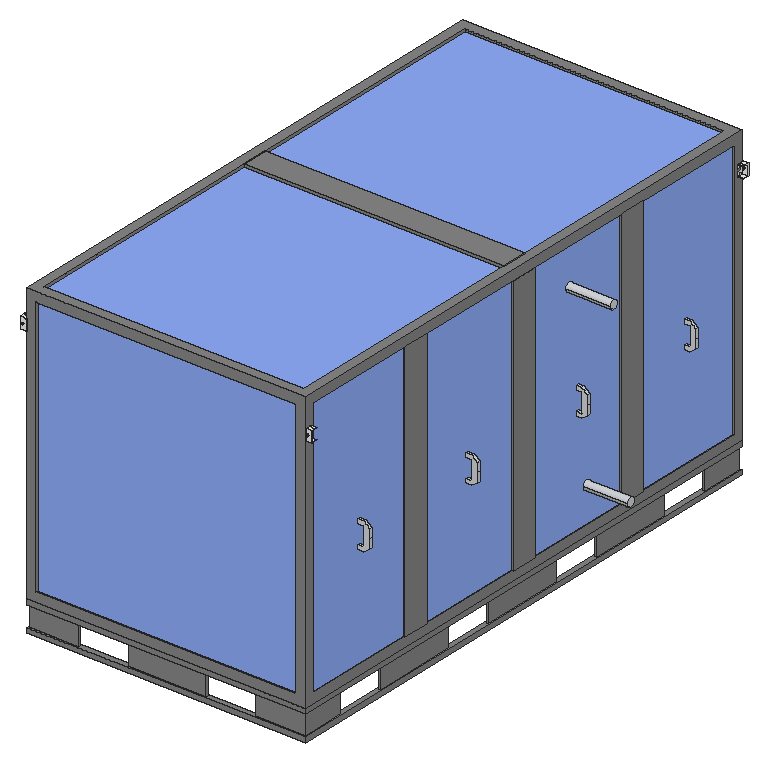
Revit family "34. Секция фильтр., вод. нагр. и вент.рез. эл.дв. ANR A1 REZ", category Оборудование, Revit 2016
Family settings
  Тип детали = Нормальный
  Размер круглого соединителя = Использовать диаметр
  На основе рабочей плоскости = Нет
  Всегда вертикально = Да
  При загрузке вырезать с полостями = Нет
  Общий = Нет
  Точка расчета площади = Нет
Parameters (values of type "ANR 6 A1 REZ")
  Ширина = А - 75 mm  # 1025 mm
  Синий = Синий
  Середина = h + Б1 / 2  # 670 mm
  Размер В = 735 mm
  Г = 85 mm  # constant formula
  Д3 = Д1 / 8  # 266.25 mm
  Д2 = Д1 / 4  # 532.5 mm
  Д1 = Д - 20 mm  # 2130 mm
  Д = 2150 mm  # constant formula
  ножки(да/нет) [instance] = no
  Высота = Б - 75 mm  # 1025 mm
  Б1 = Б - 20 mm  # 1080 mm
  А1 = А - 20 mm  # 1080 mm
  А = 1100 mm
  высота ножек = 120 mm
  Б = 1100 mm
  Частотный преобразователь [instance] = no
  Частота вращения n, об/мин = ""
  Тип, марка, обозначение = "ANR 6 A1 REZ"
  Сила тока J, А = ""
  Регулятор расхода [instance] = no
  Раздел = "ОВ"
  Примечание = ""
  Позиция = ""
  Напряжение U,В = ""
  Наименование и тех.хар-ка = "Секция фильтрования EU4, водяного нагрева вместе с вентилятором выброс прямо и резервным эл.двигателем"  # constant formula
  Мощность двигателя N,Вт = ""
  Материал = Сталь серая
  Масса единицы = ""
  Код, оборудования = ""
  Ключевая пометка = "Вентиляция"
  Задание электрикам [instance] = no
  Задание автоматчикам [instance] = no
  Завод изготовитель = "KORF"  # constant formula
  Единица измерения = "шт."  # constant formula
  h = высота ножек + 10 mm  # 130 mm
  d = 31.8 mm
Types (4, lengths in mm): name | Ширина | Середина | Размер В | Высота | Б1 | А1 | А | Б | Тип, марка, обозначение | d
  ANR 6 A1 REZ | 1025 | 670 | 735 | 1025 | 1080 | 1080 | 1100 | 1100 | "ANR 6 A1 REZ" | 31.8
  ANR 7 A1 REZ | 1025 | 780 | 985 | 1245 | 1300 | 1080 | 1100 | 1320 | "ANR 7 A1 REZ" | 38.1
  ANR 8 A1 REZ | 1245 | 780 | 985 | 1245 | 1300 | 1300 | 1320 | 1320 | "ANR 8 A1 REZ" | 38.1
  ANR 12 A1 REZ | 1360 | 837.5 | 1060 | 1360 | 1415 | 1415 | 1435 | 1435 | "ANR 12 A1 REZ" | 50.8
Reference planes
  plane 1 "По центру (Вперед/Назад)": y = 0
  plane 2: z = 0
  plane 3 "По центру (Влево/Вправо)": x = 0
  plane 4: x = -540
  plane 5: x = 540
  plane 6: y = 1065
  plane 7: y = -1065
  plane 8: z = 1210
  plane 9: z = 130
  plane 10: z = 670
  plane 11: z = 1110
  plane 12: x = 590
  plane 13: z = 1220
  plane 14: x = 725
  plane 15: y = -532.5
  plane 16: y = 532.5
  plane 17: y = -480.5
  plane 18: y = -584.474
  plane 19: y = 480.5
  plane 20: y = 584.5
  plane 21: y = 798.75
  plane 22: y = -798.75
  plane 23: x = 550
  plane 24: y = 898.75
  plane 25: y = 698.75
  plane 26: y = -898.75
  plane 27: y = -698.75
  plane 28: z = 120
  plane 29: y = 266.25
  plane 30: y = -266.25
  plane 31: y = 52
  plane 32: y = -52
  plane 33: y = -366.25
  plane 34: y = -166.25
  plane 35: y = 166.25
  plane 36: y = 366.25
  plane 37: x = -550
  plane 38: y = 223.75
  plane 39: y = 308.75
  plane 40: z = 1037.5
  plane 41: z = 302.5
Forms (mm)
  Extrusion 1, solid, material "Синий" <- "Синий", detail levels fine
    sketch origin (0, 0, 50) x (1, 0, 0) y (0, 1, 0)
      loop
        line (-540, 1065) -> (-540, -1065) -> (540, -1065) -> (540, 1065) -> (-540, 1065)
    from 80 to 1160
  Sweep 2, solid, material "Сталь серая" <- "Материал", detail levels fine
    path origin (540, -1065, 50) x (-1, 0, 0) y (0, 0, -1)
      loop
        line (0, -1160) -> (1080, -1160) -> (1080, -80) -> (0, -80) -> (0, -1160)
    profile "Профиль уголок 10х10 : Профиль уголок 10х10" origin (0, -1065, 1210) x (0, 0, -1) y (0, -1, 0)
      loop
        line (0, -27.5) -> (0, 0) -> (27.5, 0) -> (27.5, 10) -> (-10, 10) -> (-10, -27.5) -> (0, -27.5)
  Sweep 3, solid, material "Сталь серая" <- "Материал", detail levels fine
    path origin (-540, 1065, 50) x (1, 0, 0) y (0, 0, -1)
      loop
        line (0, -1160) -> (1080, -1160) -> (1080, -80) -> (0, -80) -> (0, -1160)
    profile "Профиль уголок 10х10 : Профиль уголок 10х10" origin (0, 1065, 1210) x (0, 0, -1) y (0, 1, 0)
      loop
        line (0, -27.5) -> (0, 0) -> (27.5, 0) -> (27.5, 10) -> (-10, 10) -> (-10, -27.5) -> (0, -27.5)
  Sweep 4, solid, material "Сталь серая" <- "Материал", detail levels fine
    path origin (540, 1065, 50) x (0, -1, 0) y (0, 0, -1)
      loop
        line (0, -1160) -> (2130, -1160) -> (2130, -80) -> (0, -80) -> (0, -1160)
    profile "Профиль уголок 10х10 : Профиль уголок 10х10" origin (540, 0, 1210) x (0, 0, -1) y (1, 0, 0)
      loop
        line (0, -27.5) -> (0, 0) -> (27.5, 0) -> (27.5, 10) -> (-10, 10) -> (-10, -27.5) -> (0, -27.5)
  Sweep 5, solid, material "Сталь серая" <- "Материал", detail levels fine
    path origin (-540, -1065, 50) x (0, 1, 0) y (0, 0, -1)
      loop
        line (0, -1160) -> (2130, -1160) -> (2130, -80) -> (0, -80) -> (0, -1160)
    profile "Профиль уголок 10х10 : Профиль уголок 10х10" origin (-540, 0, 1210) x (0, 0, -1) y (-1, 0, 0)
      loop
        line (0, -27.5) -> (0, 0) -> (27.5, 0) -> (27.5, 10) -> (-10, 10) -> (-10, -27.5) -> (0, -27.5)
  Extrusion 6, void, not visible
    sketch origin (-345, -245, 50) x (0, -1, 0) y (0, 0, -1)
      loop
        line (-477.965, -475) -> (-477.965, -450) -> (-528.913, -450) -> (-528.913, -475) -> (-477.965, -475)
    from -47.452 to 12
  Sweep 7, solid, material "Сталь серая" <- "Материал", detail levels fine
    path origin (0, 0, 0) x (1, 0, 0) y (0, 1, 0)
      loop
        line (-540, 1065) -> (-540, -1065) -> (540, -1065) -> (540, 1065) -> (-540, 1065)
    profile "Семейство1 : Семейство1" origin (0, 1065, 0) x (0, 1, 0) y (0, 0, 1)
      loop
        line (-10, 120) -> (-10, 100) -> (-3.38, 100) -> (-3.38, 20) -> (-10, 20) -> (-10, 0) -> (10, 0) -> (10, 20) -> (3.38, 20) -> (3.38, 100) -> (10, 100) -> (10, 120) -> (-10, 120)
  Extrusion 8, void
    sketch origin (0, 0, 0) x (1, 0, 0) y (0, 0, 1)
      loop
        line (152.369, 100) -> (152.369, 20) -> (348.798, 20) -> (348.798, 100) -> (152.369, 100)
      loop
        line (-152.369, 100) -> (-348.798, 100) -> (-348.798, 20) -> (-152.369, 20) -> (-152.369, 100)
    from -1075 to 1075
  Extrusion 9, solid, material "Сталь серая" <- "Материал", detail levels fine
    sketch origin (560, -260, 0) x (0, 1, 0) y (0, 0, 1)
      loop
        line (-324.474, 1182.5) -> (-324.474, 157.5) -> (-220.5, 157.5) -> (-220.5, 1182.5) -> (-324.474, 1182.5)
    from -10 to -20
  Extrusion 10, solid, material "Сталь серая" <- "Материал", detail levels fine
    sketch origin (560, 262.3, -4.8) x (0, 1, 0) y (0, 0, 1)
      loop
        line (218.2, 1187.3) -> (218.2, 162.3) -> (322.2, 162.3) -> (322.2, 1187.3) -> (218.2, 1187.3)
    from -10 to -20
  Extrusion 11, solid, material "Сталь серая" <- "Материал", detail levels fine
    sketch origin (560, -237.9, -24.6) x (0, 1, 0) y (0, 0, 1)
      loop
        line (185.9, 1207.1) -> (185.9, 182.1) -> (289.9, 182.1) -> (289.9, 1207.1) -> (185.9, 1207.1)
    from -10 to -20
  Extrusion 12, solid, material "Сталь серая" <- "Материал", detail levels fine
    sketch origin (0, 0, 0) x (1, 0, 0) y (0, 1, 0)
      loop
        line (-512.5, 52) -> (-512.5, -52) -> (512.5, -52) -> (512.5, 52) -> (-512.5, 52)
    from 1210 to 1220
  Extrusion 13, void
    sketch origin (0, 0, 0) x (0, 1, 0) y (0, 0, 1)
      loop
        line (-898.75, 100) -> (-898.75, 20) -> (-698.75, 20) -> (-698.75, 100) -> (-898.75, 100)
      loop
        line (-366.25, 100) -> (-366.25, 20) -> (-166.25, 20) -> (-166.25, 100) -> (-366.25, 100)
      loop
        line (166.25, 100) -> (166.25, 20) -> (366.25, 20) -> (366.25, 100) -> (166.25, 100)
      loop
        line (698.75, 100) -> (698.75, 20) -> (898.75, 20) -> (898.75, 100) -> (698.75, 100)
    from -550 to 550
  Extrusion 14, solid, detail levels fine
    sketch origin (0, 0, 0) x (0, 1, 0) y (0, 0, 1)
      loop
        circle (223.75, 1037.5) r 15.9
    from 550 to 725
  Extrusion 15, solid, detail levels fine
    sketch origin (0, 0, 0) x (0, 1, 0) y (0, 0, 1)
      loop
        circle (308.75, 302.5) r 15.9
    from 550 to 725
Cuts and joins
  joined: Sweep 2, Sweep 3, Sweep 4, Sweep 5
  Extrusion 8, Extrusion 13 cuts Sweep 7
Lines and regions (mm)
  model lines, detail levels coarse
    curve 1: line (-550, 1075, 0) -> (550, 1075, 0)
    curve 2: line (-550, -1075, 0) -> (-550, 1075, 0)
    curve 3: line (550, -1075, 0) -> (-550, -1075, 0)
    curve 4: line (550, 1075, 0) -> (550, -1075, 0)
    curve 5: line (-550, 0, 0) -> (550, 0, 0)
    curve 6: line (-474.978, 710.8, 0) -> (-449.978, 710.8, 0)
    curve 7: line (-449.978, 710.8, 0) -> (-419.589, 883.141, 0)
    curve 8: line (-419.589, 883.141, 0) -> (-369.589, 883.141, 0)
    curve 9: line (-339.201, 710.8, 0) -> (-369.589, 883.141, 0)
    curve 10: line (-339.201, 710.8, 0) -> (-314.201, 710.8, 0)
    curve 11: line (-314.201, 710.8, 0) -> (-283.813, 883.141, 0)
    curve 12: line (-283.813, 883.141, 0) -> (-233.813, 883.141, 0)
    curve 13: line (-203.424, 710.8, 0) -> (-233.813, 883.141, 0)
    curve 14: line (-203.424, 710.8, 0) -> (-178.424, 710.8, 0)
    curve 15: line (-178.424, 710.8, 0) -> (-148.036, 883.141, 0)
    curve 16: line (-148.036, 883.141, 0) -> (-98.036, 883.141, 0)
    curve 17: line (-67.647, 710.8, 0) -> (-98.036, 883.141, 0)
    curve 18: line (-67.647, 710.8, 0) -> (-42.647, 710.8, 0)
    curve 19: line (-42.647, 710.8, 0) -> (-12.259, 883.141, 0)
    curve 20: line (-12.259, 883.141, 0) -> (37.741, 883.141, 0)
    curve 21: line (68.13, 710.8, 0) -> (37.741, 883.141, 0)
    curve 22: line (68.13, 710.8, 0) -> (93.13, 710.8, 0)
    curve 23: line (93.13, 710.8, 0) -> (123.518, 883.141, 0)
    curve 24: line (123.518, 883.141, 0) -> (173.518, 883.141, 0)
    curve 25: line (203.906, 710.8, 0) -> (173.518, 883.141, 0)
    curve 26: line (203.906, 710.8, 0) -> (228.906, 710.8, 0)
    curve 27: line (228.906, 710.8, 0) -> (259.295, 883.141, 0)
    curve 28: line (259.295, 883.141, 0) -> (309.295, 883.141, 0)
    curve 29: line (339.683, 710.8, 0) -> (309.295, 883.141, 0)
    curve 30: line (339.683, 710.8, 0) -> (364.683, 710.8, 0)
    curve 31: line (364.683, 710.8, 0) -> (395.072, 883.141, 0)
    curve 32: line (395.072, 883.141, 0) -> (445.072, 883.141, 0)
    curve 33: line (475.46, 710.8, 0) -> (445.072, 883.141, 0)
    curve 62: circle (0, 308.75, 0) r 170 normal (0, 0, 1)
    curve 63: line (0, 478.75, 0) -> (0, 138.75, 0)
    curve 64: line (-170, 308.75, 0) -> (170, 308.75, 0)
    curve 65: circle (0, -584.474, 0) r 228.551 normal (0, 0, 1)
    curve 66: line (-203.531, -480.5, 0) -> (0, -813.026, 0)
    curve 67: line (203.531, -480.5, 0) -> (0, -813.026, 0)
    curve 68: line (-203.531, -480.5, 0) -> (203.531, -480.5, 0)
  model lines, not visible, detail levels coarse
    curve 34: line (-474.978, 710.8, 0) -> (-449.978, 710.8, 0)
    curve 35: line (-449.978, 710.8, 0) -> (-419.589, 883.141, 0)
    curve 36: line (-419.589, 883.141, 0) -> (-369.589, 883.141, 0)
    curve 37: line (-339.201, 710.8, 0) -> (-369.589, 883.141, 0)
    curve 38: line (-339.201, 710.8, 0) -> (-314.201, 710.8, 0)
    curve 39: line (-314.201, 710.8, 0) -> (-283.813, 883.141, 0)
    curve 40: line (-283.813, 883.141, 0) -> (-233.813, 883.141, 0)
    curve 41: line (-203.424, 710.8, 0) -> (-233.813, 883.141, 0)
    curve 42: line (-203.424, 710.8, 0) -> (-178.424, 710.8, 0)
    curve 43: line (-178.424, 710.8, 0) -> (-148.036, 883.141, 0)
    curve 44: line (-148.036, 883.141, 0) -> (-98.036, 883.141, 0)
    curve 45: line (-67.647, 710.8, 0) -> (-98.036, 883.141, 0)
    curve 46: line (-67.647, 710.8, 0) -> (-42.647, 710.8, 0)
    curve 47: line (-42.647, 710.8, 0) -> (-12.259, 883.141, 0)
    curve 48: line (-12.259, 883.141, 0) -> (37.741, 883.141, 0)
    curve 49: line (68.13, 710.8, 0) -> (37.741, 883.141, 0)
    curve 50: line (68.13, 710.8, 0) -> (93.13, 710.8, 0)
    curve 51: line (93.13, 710.8, 0) -> (123.518, 883.141, 0)
    curve 52: line (123.518, 883.141, 0) -> (173.518, 883.141, 0)
    curve 53: line (203.906, 710.8, 0) -> (173.518, 883.141, 0)
    curve 54: line (203.906, 710.8, 0) -> (228.906, 710.8, 0)
    curve 55: line (228.906, 710.8, 0) -> (259.295, 883.141, 0)
    curve 56: line (259.295, 883.141, 0) -> (309.295, 883.141, 0)
    curve 57: line (339.683, 710.8, 0) -> (309.295, 883.141, 0)
    curve 58: line (339.683, 710.8, 0) -> (364.683, 710.8, 0)
    curve 59: line (364.683, 710.8, 0) -> (395.072, 883.141, 0)
    curve 60: line (395.072, 883.141, 0) -> (445.072, 883.141, 0)
    curve 61: line (475.46, 710.8, 0) -> (445.072, 883.141, 0)
  model lines, detail levels medium
    curve 69: line (0, -1075, 1220) -> (0, 1065, 1220)
    curve 70: line (0, -1075, 0) -> (0, -1075, 1220)
    curve 71: line (0, 1065, 0) -> (0, -1075, 0)
    curve 72: line (0, 1065, 1220) -> (0, 1065, 0)
    curve 73: line (0, 532.5, 1220) -> (0, 532.5, 0)
    curve 74: line (0, 0, 0) -> (0, 0, 1220)
    curve 75: line (0, 870.373, 1167.516) -> (0, 870.373, 1147.516)
    curve 76: line (0, 870.373, 1147.516) -> (0, 684.525, 1108.013)
    curve 77: line (0, 684.525, 1108.013) -> (0, 684.525, 1028.013)
    curve 78: line (0, 870.373, 988.51) -> (0, 684.525, 1028.013)
    curve 79: line (0, 870.373, 988.51) -> (0, 870.373, 968.51)
    curve 80: line (0, 870.373, 968.51) -> (0, 684.525, 929.006)
    curve 81: line (0, 684.525, 929.006) -> (0, 684.525, 849.006)
    curve 82: line (0, 870.373, 809.503) -> (0, 684.525, 849.006)
    curve 83: line (0, 870.373, 809.503) -> (0, 870.373, 789.503)
    curve 84: line (0, 870.373, 789.503) -> (0, 684.525, 750)
    curve 85: line (0, 684.525, 750) -> (0, 684.525, 670)
    curve 86: line (0, 870.373, 630.497) -> (0, 684.525, 670)
    curve 87: line (0, 870.373, 630.497) -> (0, 870.373, 610.497)
    curve 88: line (0, 870.373, 610.497) -> (0, 684.525, 570.994)
    curve 89: line (0, 684.525, 570.994) -> (0, 684.525, 490.994)
    curve 90: line (0, 870.373, 451.49) -> (0, 684.525, 490.994)
    curve 91: line (0, 870.373, 451.49) -> (0, 870.373, 431.49)
    curve 92: line (0, 870.373, 431.49) -> (0, 684.525, 391.987)
    curve 93: line (0, 684.525, 391.987) -> (0, 684.525, 311.987)
    curve 94: line (0, 870.373, 272.484) -> (0, 684.525, 311.987)
    curve 95: line (0, 870.373, 272.484) -> (0, 870.373, 252.484)
    curve 96: line (0, 870.373, 252.484) -> (0, 684.525, 212.981)
    curve 97: line (0, 684.525, 212.981) -> (0, 684.525, 132.981)
    curve 98: line (0, 870.373, 93.477) -> (0, 684.525, 132.981)
    curve 99: line (0, 870.373, 93.477) -> (0, 870.373, 68.477)
    curve 125: circle (0, 266.25, 670) r 161.814 normal (1, 0, 0)
    curve 126: line (0, 266.25, 831.814) -> (0, 266.25, 508.186)
    curve 127: line (0, 104.436, 670) -> (0, 428.064, 670)
    curve 128: circle (0, -532.5, 670) r 260 normal (1, 0, 0)
    curve 129: line (0, -532.5, 930) -> (0, -752.993, 532.221)
    curve 130: line (0, -532.5, 930) -> (0, -312.007, 532.221)
    curve 131: line (0, -752.993, 532.221) -> (0, -312.007, 532.221)
  model lines, not visible, detail levels medium
    curve 100: line (0, 895.834, 1313.662) -> (0, 895.834, 1293.662)
    curve 101: line (0, 895.834, 1293.662) -> (0, 709.986, 1254.159)
    curve 102: line (0, 709.986, 1254.159) -> (0, 709.986, 1174.159)
    curve 103: line (0, 895.834, 1134.656) -> (0, 709.986, 1174.159)
    curve 104: line (0, 895.834, 1134.656) -> (0, 895.834, 1114.656)
    curve 105: line (0, 895.834, 1114.656) -> (0, 709.986, 1075.153)
    curve 106: line (0, 709.986, 1075.153) -> (0, 709.986, 995.153)
    curve 107: line (0, 895.834, 955.65) -> (0, 709.986, 995.153)
    curve 108: line (0, 895.834, 955.65) -> (0, 895.834, 935.65)
    curve 109: line (0, 895.834, 935.65) -> (0, 709.986, 896.146)
    curve 110: line (0, 709.986, 896.146) -> (0, 709.986, 816.146)
    curve 111: line (0, 895.834, 776.643) -> (0, 709.986, 816.146)
    curve 112: line (0, 895.834, 776.643) -> (0, 895.834, 756.643)
    curve 113: line (0, 895.834, 756.643) -> (0, 709.986, 717.14)
    curve 114: line (0, 709.986, 717.14) -> (0, 709.986, 637.14)
    curve 115: line (0, 895.834, 597.637) -> (0, 709.986, 637.14)
    curve 116: line (0, 895.834, 597.637) -> (0, 895.834, 577.637)
    curve 117: line (0, 895.834, 577.637) -> (0, 709.986, 538.133)
    curve 118: line (0, 709.986, 538.133) -> (0, 709.986, 458.133)
    curve 119: line (0, 895.834, 418.63) -> (0, 709.986, 458.133)
    curve 120: line (0, 895.834, 418.63) -> (0, 895.834, 398.63)
    curve 121: line (0, 895.834, 398.63) -> (0, 709.986, 359.127)
    curve 122: line (0, 709.986, 359.127) -> (0, 709.986, 279.127)
    curve 123: line (0, 895.834, 239.624) -> (0, 709.986, 279.127)
    curve 124: line (0, 895.834, 239.624) -> (0, 895.834, 214.624)
Dimensions and locks
  equal spacing: plane 6, plane 1 "По центру (Вперед/Назад)", plane 7
  "Д1": plane 6 to plane 7
  equal spacing: plane 4, plane 3 "По центру (Влево/Вправо)", plane 5
  "А1": plane 4 to plane 5
  "h": plane 9 to level
  "Б1": plane 8 to plane 9
  cut or joined group of Sweep 2, Sweep 3, Sweep 4, Sweep 5 to level = 120 mm
  locked: plane 3 "По центру (Влево/Вправо)" to cut or joined group of Sweep 7, Extrusion 8, Extrusion 13 at 152.369
  locked: cut or joined group of Sweep 7, Extrusion 8, Extrusion 13 to plane 3 "По центру (Влево/Вправо)" at 152.369
  "Середина": plane 10 to level
  Extrusion 9 sketch curve to Extrusion 9 sketch curve to plane 1 "По центру (Вперед/Назад)" = 103.974 mm, 480.5 mm
  locked: plane 8 to plane 11 at 100
  locked: plane 12 to plane 5 at 50
  plane 1 "По центру (Вперед/Назад)" to plane 7 = 1065 mm
  plane 6 to plane 1 "По центру (Вперед/Назад)" = 1065 mm
  locked: plane 13 to plane 8 at 10
  locked: plane 14 to plane 5 at 185
  "Д2": plane 7 to plane 15
  "Д2": plane 16 to plane 6
  plane 18 to plane 15 to plane 17 = 51.974 mm locked, 52 mm locked
  Extrusion 10 sketch curve to Extrusion 10 sketch curve = 104 mm
  plane 19 to plane 16 to plane 20 = 52 mm locked, 52 mm locked
  "Д3": plane 21 to plane 6
  "Д3": plane 7 to plane 22
  locked: plane 23 to plane 5 at 10
  locked: plane 25 to plane 24 at 200
  equal spacing: plane 25, plane 21, plane 24
  equal spacing: plane 26, plane 22, plane 27
  locked: plane 26 to plane 27 at 200
  locked: plane 9 to plane 28 at 10
  "Д3": plane 30 to plane 1 "По центру (Вперед/Назад)"
  "Д3": plane 1 "По центру (Вперед/Назад)" to plane 29
  plane 32 to plane 1 "По центру (Вперед/Назад)" to plane 31 = 52 mm locked, 52 mm locked
  Extrusion 11 sketch curve to Extrusion 11 sketch curve = 104 mm
  equal spacing: plane 35, plane 29, plane 36
  equal spacing: plane 33, plane 30, plane 34
  locked: plane 33 to plane 34 at 200
  locked: plane 35 to plane 36 at 200
  locked: plane 37 to plane 4 at 10
  equal spacing: plane 40, plane 10, plane 41
  "Размер В": plane 40 to plane 41
  equal spacing: plane 38, plane 29, plane 39
  "Г": plane 38 to plane 39
  "d": diameter of Extrusion 14 sketch curve
  "d": diameter of Extrusion 15 sketch curve
  aligned and locked: level to plane 2
  aligned and locked: plane 6 to Extrusion 1
  aligned and locked: Extrusion 1 to plane 5
  aligned and locked: Extrusion 1 to plane 7
  aligned and locked: Extrusion 1 to plane 4
  aligned and locked: plane 8 to Extrusion 1
  aligned and locked: Extrusion 1 to plane 9
  aligned and locked: Sweep 4 sketch curve to Extrusion 1  (x2)
  aligned and locked: Sweep 5 sketch curve to Extrusion 1  (x2)
  aligned and locked: Sweep 7 sketch curve to Extrusion 1  (x4)
  aligned and locked: Sweep 7 to Extrusion 8  (x2)
  aligned and locked: Extrusion 9 to cut or joined group of Sweep 2, Sweep 3, Sweep 4, Sweep 5  (x4)
  aligned and locked: nested 3 to cut or joined group of Sweep 2, Sweep 3, Sweep 4, Sweep 5  (x2)
  aligned and locked: nested 3 to plane 11
  aligned and locked: nested 4 to plane 11
  aligned and locked: cut or joined group of Sweep 2, Sweep 3, Sweep 4, Sweep 5 to nested 4  (x2)
  aligned and locked: cut or joined group of Sweep 2, Sweep 3, Sweep 4, Sweep 5 to nested 3
  aligned and locked: cut or joined group of Sweep 2, Sweep 3, Sweep 4, Sweep 5 to nested 6
  aligned and locked: nested 5 to cut or joined group of Sweep 2, Sweep 3, Sweep 4, Sweep 5
  aligned and locked: plane 11 to nested 6
  aligned and locked: plane 11 to nested 5
  aligned and locked: Extrusion 9 to Extrusion 1
  aligned and locked: nested 2 to plane 12
  aligned and locked: nested 6 to cut or joined group of Sweep 2, Sweep 3, Sweep 4, Sweep 5
  aligned and locked: cut or joined group of Sweep 2, Sweep 3, Sweep 4, Sweep 5 to nested 5
  aligned and locked: nested 2 to plane 10  (x2)
  aligned and locked: nested 7 to plane 10  (x2)
  aligned and locked: nested 7 to plane 12  (x2)
  aligned and locked: plane 18 to Extrusion 9
  aligned and locked: Extrusion 9 to plane 17
  aligned and locked: plane 19 to Extrusion 10
  aligned and locked: Extrusion 10 to plane 20
  aligned and locked: Extrusion 10 to cut or joined group of Sweep 2, Sweep 3, Sweep 4, Sweep 5  (x2)
  aligned and locked: nested 7 to plane 21
  aligned and locked: nested 2 to plane 22
  aligned and locked: nested 8 to plane 12
  aligned and locked: plane 12 to nested 7
  aligned and locked: Extrusion 10 to Extrusion 9
  aligned and locked: Extrusion 10 to plane 5
  aligned and locked: Extrusion 9 to plane 23
  aligned and locked: nested 9 to plane 29
  aligned and locked: nested 9 to plane 10
  aligned and locked: nested 8 to plane 30
  aligned and locked: nested 8 to plane 10
  aligned and locked: Extrusion 11 to plane 32
  aligned and locked: Extrusion 11 to plane 31
  aligned and locked: Extrusion 11 to cut or joined group of Sweep 2, Sweep 3, Sweep 4, Sweep 5  (x2)
  aligned and locked: plane 31 to Extrusion 12
  aligned and locked: Extrusion 12 to plane 32
  aligned and locked: Extrusion 12 to cut or joined group of Sweep 2, Sweep 3, Sweep 4, Sweep 5  (x2)
  aligned and locked: plane 13 to Extrusion 12
  aligned and locked: Extrusion 12 to plane 8
  aligned and locked: nested 9 to plane 12
  aligned and locked: plane 5 to Extrusion 11
  aligned and locked: Extrusion 11 to plane 23
  aligned and locked: Extrusion 13 to cut or joined group of Sweep 7, Extrusion 8, Extrusion 13  (x2)
  aligned and locked: Extrusion 13 to plane 26
  aligned and locked: plane 27 to Extrusion 13
  aligned and locked: plane 33 to Extrusion 13
  aligned and locked: Extrusion 13 to plane 34
  aligned and locked: plane 35 to Extrusion 13
  aligned and locked: plane 36 to Extrusion 13
  aligned and locked: Extrusion 13 to plane 25
  aligned and locked: plane 24 to Extrusion 13
  aligned and locked: Extrusion 13 to plane 23
  aligned and locked: plane 37 to Extrusion 13
  aligned and locked: plane 14 to Extrusion 15
  aligned and locked: plane 14 to Extrusion 14
  aligned and locked: plane 23 to Extrusion 14
  aligned and locked: plane 23 to Extrusion 15
  aligned and locked: curve 1 to cut or joined group of Sweep 2, Sweep 3, Sweep 4, Sweep 5
  aligned and locked: curve 2 to cut or joined group of Sweep 2, Sweep 3, Sweep 4, Sweep 5
  aligned and locked: curve 3 to cut or joined group of Sweep 7, Extrusion 8, Extrusion 13
  aligned and locked: curve 4 to cut or joined group of Sweep 2, Sweep 3, Sweep 4, Sweep 5
  aligned and locked: plane 1 "По центру (Вперед/Назад)" to curve 5
  aligned and locked: curve 69 to cut or joined group of Sweep 2, Sweep 3, Sweep 4, Sweep 5
  aligned and locked: curve 70 to cut or joined group of Sweep 2, Sweep 3, Sweep 4, Sweep 5
  aligned and locked: curve 71 to curve 2
  aligned and locked: curve 72 to plane 6
  aligned and locked: curve 73 to plane 16
  aligned and locked: curve 74 to plane 1 "По центру (Вперед/Назад)"
  aligned and locked: plane 10 to curve 86
Automatic sketch dimensions
  Extrusion 6 sketch curve to Extrusion 6 sketch curve = 50.949 mm
  Extrusion 6 sketch curve to Extrusion 6 sketch curve = 25 mm
  plane 17 to curve 68 = 0 mm
  plane 39 to curve 64 = 0 mm
  curve 65 to plane 3 "По центру (Влево/Вправо)" = 0 mm
  curve 62 to plane 3 "По центру (Влево/Вправо)" = 0 mm
  curve 63 to plane 3 "По центру (Влево/Вправо)" = 0 mm
  curve 67 to plane 3 "По центру (Влево/Вправо)" = 0 mm
  plane 17 to curve 67 = 0 mm
  plane 18 to curve 65 = 0 mm
  plane 39 to curve 62 = 0 mm
  curve 68 to plane 3 "По центру (Влево/Вправо)" = 203.531 mm
  curve 64 to curve 62 = 170 mm
  Extrusion 1 sketch curve to plane 4 = 0 mm
  Extrusion 1 sketch curve to plane 5 = 0 mm
  Extrusion 1 sketch curve to plane 7 = 0 mm
  Extrusion 1 sketch curve to plane 6 = 0 mm
  Sweep 2 sketch curve to Extrusion 1 = 0 mm  (x4)
  Sweep 3 sketch curve to Extrusion 1 = 0 mm  (x3)
  Extrusion 1 to Sweep 3 sketch curve = 0 mm
  Sweep 4 sketch curve to Extrusion 1 = 0 mm  (x2)
  Sweep 5 sketch curve to Extrusion 1 = 0 mm  (x2)
  plane 28 to Extrusion 8 sketch curve = 20 mm  (x2)
  plane 4 to Extrusion 8 sketch curve = 191.202 mm
  level to Extrusion 8 sketch curve = 20 mm  (x2)
  Extrusion 8 sketch curve to plane 3 "По центру (Влево/Вправо)" = 152.369 mm
  plane 3 "По центру (Влево/Вправо)" to Extrusion 8 sketch curve = 152.369 mm
  Extrusion 8 sketch curve to plane 5 = 191.202 mm
  plane 9 to Extrusion 9 sketch curve = 27.5 mm
  Extrusion 9 sketch curve to plane 8 = 27.5 mm
  Extrusion 10 sketch curve to plane 19 = 0 mm
  plane 9 to Extrusion 10 sketch curve = 27.5 mm
  Extrusion 10 sketch curve to plane 8 = 27.5 mm
  Extrusion 11 sketch curve to plane 32 = 0 mm
  plane 9 to Extrusion 11 sketch curve = 27.5 mm
  Extrusion 11 sketch curve to plane 8 = 27.5 mm
  Extrusion 12 sketch curve to plane 32 = 0 mm
  Extrusion 12 sketch curve to plane 31 = 0 mm
  plane 4 to Extrusion 12 sketch curve = 27.5 mm
  Extrusion 12 sketch curve to plane 5 = 27.5 mm
  Extrusion 13 sketch curve to plane 26 = 0 mm
  Extrusion 13 sketch curve to plane 27 = 0 mm
  Extrusion 13 sketch curve to plane 33 = 0 mm
  Extrusion 13 sketch curve to plane 34 = 0 mm
  Extrusion 13 sketch curve to plane 35 = 0 mm
  Extrusion 13 sketch curve to plane 36 = 0 mm
  Extrusion 13 sketch curve to plane 25 = 0 mm
  Extrusion 13 sketch curve to plane 24 = 0 mm
  level to Extrusion 13 sketch curve = 20 mm  (x4)
  plane 28 to Extrusion 13 sketch curve = 20 mm  (x4)
  curve 130 to plane 15 = 0 mm
  curve 129 to plane 15 = 0 mm
  curve 128 to plane 10 = 0 mm
  curve 128 to plane 15 = 0 mm
  curve 127 to plane 10 = 0 mm
  curve 126 to plane 29 = 0 mm
  curve 125 to plane 10 = 0 mm
  curve 125 to plane 29 = 0 mm
  curve 130 to plane 30 = 45.757 mm
  curve 131 to plane 10 = 137.779 mm
  plane 31 to curve 127 = 52.436 mm
  curve 76 to curve 96 = 0 mm
  curve 94 to curve 96 = 0 mm
  curve 80 to curve 77 = 0 mm
  curve 90 to curve 92 = 0 mm
  curve 84 to curve 81 = 0 mm
  curve 85 to curve 87 = 185.848 mm
  curve 84 to curve 86 = 0 mm
  curve 90 to curve 87 = 0 mm
  curve 80 to curve 82 = 0 mm
  curve 94 to curve 91 = 0 mm
  curve 76 to curve 78 = 0 mm
  curve 98 to curve 95 = 0 mm
  curve 98 to curve 98 = 39.503 mm
  curve 97 to curve 96 = 80 mm
  curve 98 to curve 95 = 159.006 mm
  curve 95 to curve 95 = 20 mm
  curve 96 to curve 93 = 99.006 mm
  curve 93 to curve 92 = 80 mm
  curve 94 to curve 91 = 159.006 mm
  curve 91 to curve 91 = 20 mm
  curve 92 to curve 89 = 99.006 mm
  curve 89 to curve 88 = 80 mm
  curve 90 to curve 88 = 159.006 mm
  curve 87 to curve 86 = 20 mm
  curve 88 to curve 85 = 99.006 mm
  curve 85 to curve 84 = 80 mm
  curve 86 to curve 84 = 159.006 mm
  curve 83 to curve 82 = 20 mm
  curve 84 to curve 81 = 99.006 mm
  curve 81 to curve 81 = 80 mm
  curve 82 to curve 79 = 159.006 mm
  curve 79 to curve 78 = 20 mm
  curve 80 to curve 78 = 99.006 mm
  curve 77 to curve 76 = 80 mm
  curve 78 to curve 75 = 159.006 mm
  curve 99 to curve 98 = 25 mm
  curve 75 to curve 75 = 20 mm
  curve 101 to curve 121 = 0 mm
  curve 119 to curve 121 = 0 mm
  curve 105 to curve 102 = 0 mm
  curve 115 to curve 117 = 0 mm
  curve 109 to curve 106 = 0 mm
  curve 110 to curve 112 = 185.848 mm
  curve 109 to curve 111 = 0 mm
  curve 115 to curve 112 = 0 mm
  curve 105 to curve 107 = 0 mm
  curve 119 to curve 116 = 0 mm
  curve 101 to curve 103 = 0 mm
  curve 123 to curve 120 = 0 mm
  curve 123 to curve 123 = 39.503 mm
  curve 122 to curve 121 = 80 mm
  curve 123 to curve 120 = 159.006 mm
  curve 120 to curve 120 = 20 mm
  curve 121 to curve 118 = 99.006 mm
  curve 118 to curve 117 = 80 mm
  curve 119 to curve 116 = 159.006 mm
  curve 116 to curve 116 = 20 mm
  curve 117 to curve 114 = 99.006 mm
  curve 114 to curve 113 = 80 mm
  curve 115 to curve 113 = 159.006 mm
  curve 112 to curve 111 = 20 mm
  curve 113 to curve 110 = 99.006 mm
  curve 110 to curve 109 = 80 mm
  curve 111 to curve 109 = 159.006 mm
  curve 108 to curve 107 = 20 mm
  curve 109 to curve 106 = 99.006 mm
  curve 106 to curve 106 = 80 mm
  curve 107 to curve 104 = 159.006 mm
  curve 104 to curve 103 = 20 mm
  curve 105 to curve 103 = 99.006 mm
  curve 102 to curve 101 = 80 mm
  curve 103 to curve 100 = 159.006 mm
  curve 124 to curve 123 = 25 mm
  curve 100 to curve 100 = 20 mm
  Extrusion 14 sketch curve to plane 38 = 0 mm
  Extrusion 14 sketch curve to plane 40 = 0 mm
  Extrusion 15 sketch curve to plane 39 = 0 mm
  Extrusion 15 sketch curve to plane 41 = 0 mm
Nested families
  nested 1: "крепление 15мм" at (-330, 229.965, 495), type "крепление 15мм", not visible
  nested 2: "Ручка" at (552.018, -808.75, 621.108), type "Ручка", detail levels fine
  nested 3: "крепеж" at (574.5, -1075, 1065.175) x (-1, 0, 0) z (0, 0, 1), type "крепеж", detail levels fine
  nested 4: "крепеж" at (574.5, 1075, 1065.175) x (-1, 0, 0) z (0, 0, 1), type "крепеж", detail levels fine
  nested 5: "крепеж" at (-574.5, -1075, 1065.175), type "крепеж", detail levels fine
  nested 6: "крепеж" at (-574.5, 1075, 1065.175), type "крепеж", detail levels fine
  nested 7: "Ручка" at (552.018, 798.75, 621.108), type "Ручка", detail levels fine
  nested 8: "Ручка" at (552.018, -276.25, 621.108), type "Ручка", detail levels fine
  nested 9: "Ручка" at (552.018, 266.25, 621.108), type "Ручка", detail levels fine
Connectors
  hvac at (0, -1075, 670), driven by "Ширина", driven by "Высота"
    settings: on cut or joined group of Sweep 2, Sweep 3, Sweep 4, Sweep 5, index 3, duct flow 0.0 L/s, flow factor 0, pres drop 0.0 Pa, loss coef 0, conn angle 0.00°, conn width 1025 mm, conn height 1025 mm, conn diameter 609.6 mm, duct sys type 3, conn prof type 1, flow config 0, flow direction 0, loss method 0, conn ref index 4, conn util no, is conn primary yes, conn desc ""
  hvac at (0, 1075, 670), driven by "Ширина", driven by "Высота"
    settings: on cut or joined group of Sweep 2, Sweep 3, Sweep 4, Sweep 5, index 4, duct flow 0.0 L/s, flow factor 0, pres drop 0.0 Pa, loss coef 0, conn angle 0.00°, conn width 1025 mm, conn height 1025 mm, conn diameter 609.6 mm, duct sys type 3, conn prof type 1, flow config 0, flow direction 0, loss method 0, conn ref index 3, conn util no, is conn primary no, conn desc ""
  piping at (725, 223.75, 1037.5), diameter 31.8, driven by "d"
    settings: on Extrusion 14, index 5, connector inside diameter 609.6 mm, connector length 0 mm, flow factor 0, pipe flow 0.0 L/s, pressure drop 0.0 Pa, fitting loss kfactor 0, connector angle 0.00°, fixture units 0, engagement length 0 mm, angle of deflection 0.00°, flow configuration 0, flow direction 0, fitting loss method 0, system type 28, joint type 0, gender type 0, connector reference index -1, connector utility 0, adjustable connector no, is connector primary yes, connector description ""
  piping at (725, 308.75, 302.5), diameter 31.8, driven by "d"
    settings: on Extrusion 15, index 6, connector inside diameter 609.6 mm, connector length 0 mm, flow factor 0, pipe flow 0.0 L/s, pressure drop 0.0 Pa, fitting loss kfactor 0, connector angle 0.00°, fixture units 0, engagement length 0 mm, angle of deflection 0.00°, flow configuration 0, flow direction 0, fitting loss method 0, system type 28, joint type 0, gender type 0, connector reference index -1, connector utility 0, adjustable connector no, is connector primary no, connector description ""
Definition of nested family "крепление 15мм"
  Parameters (values of type "крепление 15мм")
    Материал крепления = none
  Reference planes
    plane 1 "По центру (Вперед/Назад)": y = 0
    plane 2: z = 0
    plane 3 "По центру (Влево/Вправо)": x = 0
  Forms (mm)
    Extrusion 1, solid, material <- "Материал крепления"
      sketch origin (0, 0, 0) x (1, 0, 0) y (0, 1, 0)
        loop
          line (-25, 0) -> (0, 0) -> (0, 18.31) -> (0, 25) -> (-3, 25) -> (-3, 3) -> (-25, 3) -> (-25, 0)
      from 0 to 30
    Extrusion 2, void
      sketch origin (0, 0, 0) x (1, 0, 0) y (0, 1, 0)
        loop
          line (-3, 3) -> (-3, 54.96) -> (-58, 54.96) -> (-58, 3) -> (-3, 3)
      from 0 to 15
  Cuts and joins
    Extrusion 2 cuts Extrusion 1
  Dimensions and locks
    Extrusion 1 sketch curve to Extrusion 1 sketch curve = 3 mm  (x2)
    Extrusion 1 sketch curve to Extrusion 1 sketch curve to plane 3 "По центру (Влево/Вправо)" = 25 mm, 0 mm
    Extrusion 1 sketch curve to Extrusion 1 sketch curve = 25 mm
    aligned and locked: level to plane 2
Definition of nested family "Ручка"
  Parameters (values of type "Ручка")
    материал ручки = none
  Reference planes
    plane 1 "По центру (Вперед/Назад)": y = 0
    plane 2: z = 0
    plane 3 "По центру (Влево/Вправо)": x = 0
    plane 4: x = -37.982
    plane 5: x = 37.982
  Forms (mm)
    Extrusion 1, solid, material <- "материал ручки", not visible
      sketch origin (-3.982, 0, -4.834) x (0, 0, 1) y (-1, 0, 0)
        loop
          line (-52.874, -42.815) -> (53.726, -42.815) -> (53.726, 8.783) -> (36.069, 34) -> (1.069, 34) -> (-36.069, 34) -> (-52.874, 10) -> (-52.874, -42.815)
      from 0 to 10
    Extrusion 2, void, not visible
      sketch origin (-3.982, 0, -4.834) x (0, 0, 1) y (-1, 0, 0)
        loop
          line (-37.219, -42.815) -> (37.781, -42.815) -> (37.781, 20.04) -> (-37.219, 20.04) -> (-37.219, -42.815)
      from 0 to 50
    Extrusion 3, solid, material <- "материал ручки"
      sketch origin (3.982, 0, -4.834) x (0, 0, 1) y (-1, 0, 0)
        loop
          line (-52.874, 42.815) -> (-52.874, -10) -> (-36.069, -34) -> (1.069, -34) -> (36.069, -34) -> (53.726, -8.783) -> (53.726, 42.815) -> (-52.874, 42.815)
      from 0 to 10
    Extrusion 4, void
      sketch origin (3.982, 0, -4.834) x (0, 0, 1) y (-1, 0, 0)
        loop
          line (-37.219, 42.815) -> (-37.219, -11.018) -> (37.781, -11.018) -> (37.781, 42.815) -> (-37.219, 42.815)
      from 0 to 50
  Cuts and joins
    Extrusion 4 cuts Extrusion 3
  Dimensions and locks
    aligned and locked: level to plane 2
Definition of nested family "крепеж"
  Parameters (values of type "крепеж")
    Материал крепежа = none
  Reference planes
    plane 1 "По центру (Вперед/Назад)": y = 0
    plane 2: z = 0
    plane 3 "По центру (Влево/Вправо)": x = 0
    plane 4: x = 24.5
    plane 5: z = 22.413
  Forms (mm)
    Extrusion 1, solid, material <- "Материал крепежа"
      sketch origin (0, 0, 0) x (0, 1, 0) y (0, 0, 1)
        loop
          line (0, 44.825) -> (-16.343, 44.825) -> (-24.468, 44.825) -> (-24.468, 42.95) -> (-1.968, 42.95) -> (-1.968, 1.657) -> (-24.468, 1.657) -> (-24.468, 0) -> (-16.343, 0) -> (0, 0) -> (0, 44.825)
      from 0 to 24.5
    Extrusion 2, void
      sketch origin (0.625, 0, -0.625) x (1, 0, 0) y (0, 0, 1)
        loop
          circle (11.121, 22.873) r 5
      from 0 to 250
    Extrusion 3, solid, material <- "Материал крепежа"
      sketch origin (0, 0, 0.175) x (1, 0, 0) y (0, 0, 1)
        loop
          line (24.5, 44.651) -> (22.651, 44.651) -> (22.651, -0.175) -> (24.5, -0.175) -> (24.5, 44.651)
      from 0 to 24.468
    Extrusion 4, void
      sketch origin (0, 0, 0) x (0, 1, 0) y (0, 0, 1)
        loop
          line (-24.468, 28.943) -> (-24.468, 15.882) -> (-9.468, 15.882) -> (-9.468, 28.943) -> (-24.468, 28.943)
      from 0 to 250
    Blend 5, solid
      base sketch origin (0, 0, 0) x (0, 1, 0) y (0, 0, 1)
        loop
          circle (-15.104, 36.823) r 4.161
      top sketch origin (0, 0, 0) x (0, 1, 0) y (0, 0, 1)
        loop
          circle (-15.104, 36.823) r 2.994
      from 22.651 to 19.241
    Blend 6, solid
      base sketch origin (0, 0, 44.825) x (0, 1, 0) y (0, 0, 1)
        loop
          circle (-15.104, -36.823) r 4.161
      top sketch origin (0, 0, 44.825) x (0, 1, 0) y (0, 0, 1)
        loop
          circle (-15.104, -36.823) r 2.994
      from 22.651 to 19.241
  Cuts and joins
    Extrusion 2, Extrusion 4 cuts Extrusion 1
    Extrusion 4 cuts Extrusion 3
    joined: Extrusion 1, Extrusion 3
  Dimensions and locks
    plane 3 "По центру (Влево/Вправо)" to plane 4 = 24.5 mm
    equal spacing: cut or joined group of Extrusion 1, Extrusion 2, Extrusion 3, Extrusion 4, plane 5, cut or joined group of Extrusion 1, Extrusion 2, Extrusion 3, Extrusion 4
    equal spacing: Extrusion 4 sketch curve, plane 5, Extrusion 4 sketch curve
    aligned and locked: level to plane 2
    aligned and locked: plane 4 to Extrusion 1
    aligned and locked: cut or joined group of Extrusion 1, Extrusion 2, Extrusion 3, Extrusion 4 to cut or joined group of Extrusion 1, Extrusion 2, Extrusion 3, Extrusion 4  (x3)
    aligned and locked: cut or joined group of Extrusion 1, Extrusion 2, Extrusion 3, Extrusion 4 to Blend 5
  Automatic sketch dimensions
    Extrusion 1 sketch curve to level = 0 mm
    Extrusion 1 sketch curve to plane 1 "По центру (Вперед/Назад)" = 0 mm
    plane 1 "По центру (Вперед/Назад)" to Extrusion 1 sketch curve = 1.968 mm
    Extrusion 1 sketch curve to Extrusion 1 sketch curve = 14.375 mm  (x2)
    level to Extrusion 1 sketch curve = 1.657 mm
    Extrusion 1 sketch curve to Extrusion 1 sketch curve = 8.125 mm  (x2)
    plane 5 to Extrusion 1 sketch curve = 20.538 mm
    Extrusion 1 sketch curve to Extrusion 1 sketch curve = 1.875 mm
    Extrusion 2 sketch curve to plane 5 = 0.165 mm
    plane 3 "По центру (Влево/Вправо)" to Extrusion 2 sketch curve = 11.746 mm
    Extrusion 3 sketch curve to level = 0 mm
    Extrusion 3 sketch curve to plane 4 = 0 mm
    Extrusion 3 sketch curve to Extrusion 3 sketch curve = 1.849 mm
    plane 5 to Extrusion 3 sketch curve = 22.413 mm
    Extrusion 4 sketch curve to plane 5 = 6.531 mm
    plane 1 "По центру (Вперед/Назад)" to Extrusion 4 sketch curve = 24.468 mm
    plane 1 "По центру (Вперед/Назад)" to Extrusion 4 sketch curve = 9.468 mm
    plane 1 "По центру (Вперед/Назад)" to Blend 5 sketch curve = 15.104 mm  (x2)
    plane 5 to Blend 5 sketch curve = 14.41 mm  (x2)
    Blend 6 sketch curve to plane 1 "По центру (Вперед/Назад)" = 15.104 mm  (x2)
    Blend 6 sketch curve to level = 8.002 mm  (x2)
    radius of Extrusion 2 sketch curve = 5 mm
    radius of Blend 5 sketch curve = 4.161 mm
    radius of Blend 5 sketch curve = 2.994 mm
    radius of Blend 6 sketch curve = 4.161 mm
    radius of Blend 6 sketch curve = 2.994 mm
